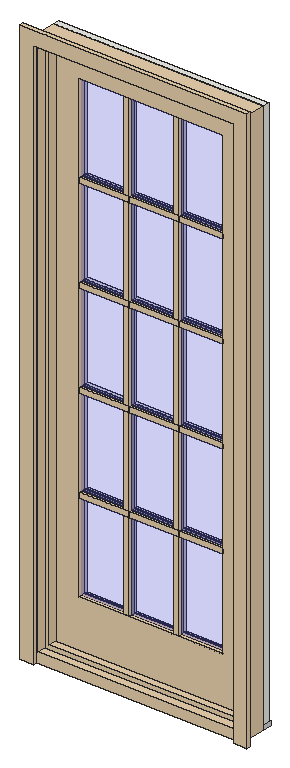
Revit family "Door-Gliding-Andersen-A_Series-Stationary 2", category Doors, host Wall, Revit 2013
Parameters
  Visual Light Transmittance = 0.34  # constant formula
  Type Comments = "Fiberglass-clad and Flexacron finished wood sidelight"  # constant formula
  Thermal Resistance (R) = 0.58703  # 3.3333 (h·ft²·°F)/BTU
  Solar Heat Gain Coefficient = 0.15  # constant formula
  Rough Width = Width + (Rough Opening Offset * 2)  # 3' - 0 3/4"
  Rough Height = if(1 > 0, Height + 0' 0 1/2", 0' 0")  # 8' - 0 1/2"
  Learn About These Parameters = "http://www.andersenwindows.com/for-professionals/cad-symbols-bim-support-window-doors/bim-support"
  Heat Transfer Coefficient (U) = 1.7035  # 0.3000 BTU/(h·ft²·°F)
  Grille Bar Sizes = "3/4'', 7/8'', 1 1/8'', 2 1/4''"  # constant formula
  Between Glass Grille Bar Sizes = "3/4'', 1''"  # constant formula
  Interior Trim Visibility = yes
  Grille Bar Size = 0' - 0 7/8"
  Enter Pattern Number = 1
  Analytic Construction = "<None>"
  ..Pattern Number 1 = "Colonial"  # constant formula
  . . Lights Wide = 3
  . . Lights High = 5
  ..Pattern Number 2 = "Modified Colonial"  # constant formula
  ..Pattern Number 3 = "Prairie"  # constant formula
  ..Pattern Number 4 = "Short Fractional"  # constant formula
  ..Pattern Number 5 = "Tall Fractional"  # constant formula
  Extension Jamb Visibility = yes
  Enter Exterior Trim Number = 0
  ..Exterior Trim Number 0 = "No Exterior Trim"  # constant formula
  ..Exterior Trim Number 1 = "Brick Mould"  # constant formula
  ..Exterior Trim Number 2 = "3 1/2'' Flat Casing"  # constant formula
  ..Exterior Trim Number 3 = "4 1/2'' Flat Casing"  # constant formula
  Interior Grille Bar Visibility = yes
  Exterior Grille Bar Visibility = yes
  Between Glass Grille Bar Visibility = yes
  xjamb Visibility [instance] = and(Extension Jamb Visibility, Wall Depth > 0' 4 9/16")  # no
  xjamb S1 [instance] = if(Wall Depth < 0' 4 5/8", 0' 0 1/16", 0' 0")  # 0' - 0 1/16"
  casingS2 = if(Enter Exterior Trim Number = 1, 0' 0 3/16", 0' 0 3/16")  # 0' - 0 3/16"
  casingS1 = if(Enter Exterior Trim Number = 1, 0' 0 7/16", 0' 0 3/16")  # 0' - 0 3/16"
  casing4 = if(Enter Exterior Trim Number = 1, 0' 1 3/4", if(Enter Exterior Trim Number = 2, 0' 3 1/4", 0' 4 1/4"))  # 0' - 4 1/4"
  casing3 = 0' - 0 1/2"  # constant formula
  casing2 = 0' - 0 7/8"  # constant formula
  casing1 = 0' - 0 1/4"  # constant formula
  Wall Thickness [instance] = 0' - 8"
  Wall Depth [instance] = 0' - 4 9/16"
  Void Offset 1 [instance] = if(Enter Exterior Trim Number > 0, casing4, 0' 0")  # 0' - 0"
  Void Depth [instance] = if(Wall Thickness > Wall Depth, 0' 1" + Wall Thickness - Wall Depth, 0' 1")  # 0' - 4 7/16"
  VGB DLO = if(Enter Pattern Number = 3, 0' 4", (H DLO - (Grille Bar Size * (V Bars))) / if(LWide > 2, LWide, 3))  # 0' - 7.66667"
  V Bars = if(Enter Pattern Number = 3, 2, if(LWide > 2, LWide - 1, 2))  # 2
  URL = "www.andersenwindows.com"
  TS V DLO = Height - HGO - SGO  # 6' - 7 7/8"
  TS V Bar Length = if(or(Enter Pattern Number = 5, Enter Pattern Number = 2), ((((Height - HGO - SGO - (Grille Bar Size * (Fractional Lights High - 1))) / Fractional Lights High)) * TFL) + (TFB * Grille Bar Size), if(Enter Pattern Number = 4, ((Height - HGO - SGO - (Grille Bar Size * (Fractional Lights High - 1))) / Fractional Lights High), Height - HGO - SGO))  # 6' - 7 7/8"
  TS SH DLO = if(or(Enter Pattern Number = 5, Enter Pattern Number = 2), ((((Height - HGO - SGO - (Grille Bar Size * (Fractional Lights High - 1))) / Fractional Lights High)) * TFL) + (TFB * Grille Bar Size) + HGO + (Grille Bar Size / 2), if(Enter Pattern Number = 4, TS V Bar Length + HGO + (Grille Bar Size / 2), (TS V DLO / 2) + HGO))  # 3' - 9 9/16"
  TS S V = or(and(LWide = 2, Enter Pattern Number = 1), and(Fractional Lights Wide = 2, or(or(Enter Pattern Number = 2, Enter Pattern Number = 4), Enter Pattern Number = 5)))  # no
  TS S H Craftsman = and(Enter Pattern Number = 2, or(Fractional Lights High = 4, Fractional Lights High = 5))  # no
  TS S H = or(or(or(and(. . Lights High = 2, Enter Pattern Number = 1), and(Enter Pattern Number = 4, Fractional Lights High > 1)), and(Enter Pattern Number = 5, Fractional Lights High > 1)), and(Enter Pattern Number = 2, Fractional Lights High > 1))  # no
  TS M V = or(or(or(or(or(and(LWide > 2, Enter Pattern Number = 1), and(LWide > 2, Enter Pattern Number = 2)), Enter Pattern Number = 3), Enter Pattern Number = 4), Enter Pattern Number = 5), and(LWide > 2, Enter Pattern Number = 6))  # yes
  TS M H = or(or(Enter Pattern Number = 3, and(. . Lights High > 2, Enter Pattern Number = 1)), and(Enter Pattern Number = 2, Fractional Lights High > 5))  # yes
  TS HGB DLO = if(Enter Pattern Number = 1, if(. . Lights High > 2, ((TS V Bar Length - (Grille Bar Size * (. . Lights High - 1))) / . . Lights High), 0' 4"), if(Enter Pattern Number = 3, 0' 4", if(Fractional Lights High > 2, ((TS V Bar Length - (Grille Bar Size * 2)) / 3), 0' 4")))  # 1' - 3.275"
  TS H Bars = if(Enter Pattern Number = 3, 2, if(Enter Pattern Number = 1, if(. . Lights High > 2, . . Lights High - 1, 2), 2))  # 4
  TFL = if(Fractional Lights High > 5, 3, if(or(Fractional Lights High = 4, Fractional Lights High = 5), 2, if(or(Fractional Lights High = 2, Fractional Lights High = 3), 1, 1)))  # 2
  TFB = TFL - 1  # 1
  Sill Interior Offset [instance] = 0' - 0"  # constant formula
  Sill Height [instance] = 0' - 1 11/16"  # constant formula
  Rough Opening Offset = 0' - 0 3/8"
  Panel Bottom Inset [instance] = 0' - 1 7/8"  # constant formula
  Sill Depth [instance] = 0' - 6 7/32"  # constant formula
  SGO = 0' - 10 1/2"  # constant formula
  Product Documentation Link = "http://www.andersenwindows.com/products/a-series-hinged-patio-door/"
  Panel Width = Width - 0' 1 3/16" - 0' 1 3/16"  # 2' - 9 5/8"
  Panel Height [instance] = CTRL Height - 0' 1 3/16" - Panel Bottom Inset  # 7' - 8 15/16"
  Nail Fin Visibility = Enter Exterior Trim Number = 0  # yes
  Model = "A-Series"  # constant formula
  Masonry Width = if(Enter Exterior Trim Number > 0, Width + ((casing4 + Masonry Opening Offset) * 2), Width + (Masonry Opening Offset * 2))  # 3' - 0 3/4"
  Masonry Opening Offset = 0' - 0 3/8"
  Masonry Height = if(Enter Exterior Trim Number > 0, Height + (casing4 + 0' 0 1/2"), Height + 0' 0 1/2")  # 8' - 0 1/2"
  Manufacturer = "Andersen Corporation"  # constant formula
  LWide = if(Enter Pattern Number = 3, 3, if(Enter Pattern Number = 1, . . Lights Wide, Fractional Lights Wide))  # 3
  JGO = 0' - 5 5/8"  # constant formula
  Is Outswing = 1 = 1  # yes
  Interior Unit Finish = Wood - Andersen - Pine
  Interior Trim Size = 0' - 2 1/4"
  HGO = 0' - 5 5/8"  # constant formula
  H DLO = Width - (JGO * 2)  # 2' - 0 3/4"
  Glazing Material = Glass ‐ Andersen - Low-E4 SmartSun
  Function = Exterior
  Height = 8' - 0"
  Wall Closure = By host
  Width = 3' - 0"
  Frame Interior Inset [instance] = 0' - 0"  # constant formula
  Frame Depth [instance] = 0' - 5 7/8"  # constant formula
  Fractional Lights Wide = 3
  Fractional Lights High = 5
  Family Version = "01.01.15"  # constant formula
  Exterior Unit Finish = Fiberglass - Andersen - White
  Exterior Trim Finish = Fibrex Composite - Andersen - White
  Designation = "FWSLD"
  Description = "Fiberglass-clad and Flexacron finished wood sidelight door"  # constant formula
  Coarse Plan [instance] = if(Wall Depth > Wall Thickness, Wall Thickness, Wall Depth)  # 0' - 4 9/16"
  Casing Visibility [instance] = Enter Exterior Trim Number > 0  # no
  CTRL Height [instance] = Height  # 8' - 0"
  Between Glass Grille Bar Finish = Stainless Steel - Andersen - Standard
  BS V DLO = Height - HGO - SGO  # 6' - 7 7/8"
  BS SH DLO = if(Enter Pattern Number = 5, SGO + 0' 4" + (Grille Bar Size / 2), (BS V DLO / 2) + SGO)  # 4' - 2 7/16"
  BS S V = and(LWide = 2, Enter Pattern Number = 1)  # no
  BS M V = or(or(and(LWide > 2, Enter Pattern Number = 1), Enter Pattern Number = 3), Enter Pattern Number = 5)  # yes
  Assembly Code = "B2030100"
Reference planes (in)
  plane 1 "Center (Front/Back)": y = 0
  plane 2 "Center (Left/Right)": x = 0
  plane 3 "R Frame": x = -18
  plane 4 "L Frame": x = 18
  plane 5 "T Frame": z = 96
  plane 6 "Wall S1": y = 4
  plane 7 "Wall S2": y = -4
  plane 8 "Interior Casing": y = -4.625
  plane 9 "Frame S2": y = -4
  plane 10 "Flange": y = 0.5625
  plane 11 "Casing S2": y = 2.0625
  plane 12 "Casing S1": y = 2.0625
  plane 13 "Exterior Offset": y = 5
  plane 14 "Coarse Detail Plan": y = 43
  plane 15 "R Rough Opening": x = -18.375
  plane 16 "R Casing 1": x = -17.75
  plane 17 "R Casing 2": x = -21.375
  plane 18 "R Casing 3": x = -21.75
  plane 19 "R Casing 4": x = -22.25
  plane 20 "R Masonry Opening": x = -18.375
  plane 21 "L Masonry Opening": x = 18.375
  plane 22 "L Casing 4": x = 22.25
  plane 23 "L Casing 3": x = 21.75
  plane 24 "L Casing 2": x = 21.375
  plane 25 "L Casing 1": x = 17.75
  plane 26 "L Rough Opening": x = 18.375
  plane 27 "T Rough Opening": z = 96.5
  plane 28 "T Casing 1": z = 95.75
  plane 29 "T Casing 2": z = 99.375
  plane 30 "T Casing 3": z = 99.75
  plane 31 "T Casing 4": z = 100.25
  plane 32 "T Masonry Opening": z = 96.5
  plane 33 "R Int Casing": x = -19.5
  plane 34 "R Xjamb 2": x = -17.875
  plane 35 "R Ext Frame": x = -17.434
  plane 36 "L Int Casing": x = 19.5
  plane 37 "L Xjamb 2": x = 17.875
  plane 38 "L Ext Frame": x = 17.434
  plane 39 "T Int Casing": z = 97.684
  plane 40 "T Xjamb 2": z = 95.875
  plane 41 "T Ext Frame": z = 95.434
  plane 42 "L Panel": x = 16.828
  plane 43 "R Panel": x = -16.828
  plane 44 "T Panel": z = 94.828
  plane 45 "B Panel": z = 1.8905
  plane 46 "B Glazing": z = 10.5
  plane 47 "T Glazing": z = 90.375
  plane 48 "L Glazing": x = 12.375
  plane 49 "R Glazing": x = -12.375
  plane 50 "Panel1 S1": y = 0.7285
  plane 51 "Panel1 S2": y = -0.9905
  plane 52 "Xjamb S1": y = -3.9375
  plane 53 "Frame S1": y = 1.875
  plane 54 "Stop Exterior": y = 45.987
  plane 55 "L Stop": x = 16.305
  plane 56 "R Stop": x = -16.305
  plane 57 "T Stop": z = 94.305
  plane 58 "Sill Height": z = 1.6875
  plane 59 "Glass1 S1": y = 0.31559
  plane 60 "Glass1 S3": y = -0.3255
  plane 61 "Glass1 S2": y = 0.19059
  plane 62 "Glass1 S4": y = -0.4505
  plane 63 "Vert Bar length": z = 10.5
  plane 64 "L Xjamb 1": x = 17.25
  plane 65 "R Xjamb S1": x = -17.25
  plane 66 "T Xjamb S1": z = 95.25
  plane 67 "R Int Frame": x = -16.984
  plane 68 "L Int Frame": x = 16.984
  plane 69 "Frame S1.1": y = 1.1415
  plane 70 "Int Stop": y = -2.4175
  plane 71 "T Int Frame": z = 94.984
  plane 72 "B Ext Frame": z = 0.748
  plane 73 "B Stop": z = 2.382
  plane 74 "Sill S1": y = 2.205
Forms (in)
  Extrusion 1, void
    sketch origin (0, 0, 0) x (1, 0, 0) y (0, 0, 1)
      loop
        line (18, 96) -> (-18, 96) -> (-18, 0) -> (18, 0) -> (18, 96)
    from -0.5625 to 4
  Extrusion 2, void
    sketch origin (0, 0, 0) x (1, 0, 0) y (0, 0, 1)
      loop
        line (18, 96) -> (-18, 96) -> (-18, 0) -> (18, 0) -> (18, 96)
    from -30 to -0.5625
  Sweep 3, solid, material "Fibrex Composite - Andersen - White" <- "Exterior Trim Finish", visible <- "Casing Visibility", detail levels medium+fine
    path origin (0, 0.5625, 0) x (-1, 0, 0) y (0, 0, 1)
      loop
        line (-22.25, 0) -> (-22.25, 100.25) -> (22.25, 100.25) -> (22.25, 0)
    profile origin (22.25, 0.5625, 50.125) x (1, 0, 0) y (0, 1, 0)
      loop
        line (-0.875, 1.5) -> (-4.5, 1.5) -> (-4.5, 0) -> (0, 0) -> (0, 1.5) -> (-0.5, 1.5) -> (-0.875, 1.5)
  Extrusion 4, solid, material "Fibrex Composite - Andersen - White" <- "Exterior Trim Finish", visible <- "Casing Visibility", detail levels coarse
    sketch origin (0, 0.5625, 0) x (-1, 0, 0) y (0, 0, 1)
      loop
        line (-17.75, 95.75) -> (17.75, 95.75) -> (17.75, 0) -> (22.25, 0) -> (22.25, 100.25) -> (-22.25, 100.25) -> (-22.25, 0) -> (-17.75, 0) -> (-17.75, 95.75)
    from 0 to 1.5
  Extrusion 5, solid, material "Wood - Andersen - Pine" <- "Interior Unit Finish", visible <- "Interior Trim Visibility", detail levels fine
    sketch origin (0, 0, 0) x (1, 0, 0) y (0, 0, 1)
      loop
        line (-17.25, 95.25) -> (17.25, 95.25) -> (17.25, 0) -> (19.5, 0) -> (19.5, 97.684) -> (-19.5, 97.684) -> (-19.5, 0) -> (-17.25, 0) -> (-17.25, 95.25)
    from 4 to 4.625
  Extrusion 6, solid, material "Wood - Andersen - Pine" <- "Interior Unit Finish", visible <- "xjamb Visibility", detail levels medium+fine
    sketch origin (0, 0, 0) x (1, 0, 0) y (0, 0, 1)
      loop
        line (-17.875, 0) -> (-17.25, 0) -> (-17.25, 95.25) -> (17.25, 95.25) -> (17.25, 0) -> (17.875, 0) -> (17.875, 95.875) -> (-17.875, 95.875) -> (-17.875, 0)
    from 3.9375 to 4
  Sweep 7, solid, material "Fiberglass - Andersen - White" <- "Exterior Unit Finish", detail levels medium+fine
    path in 3D
      loop
        line (18, 0.5625, 0) -> (18, 0.5625, 96) -> (-18, 0.5625, 96) -> (-18, 0.5625, 0)
    profile origin (18, 0.5625, 48) x (1, 0, 0) y (0, 1, 0)
      loop
        line (0, 1.3125) -> (-0.566, 1.3125) -> (-0.566, 0.579) -> (-1.695, 0.579) -> (-1.695, 0.166) -> (0, 0.166) -> (0, 1.3125)
  Sweep 8, solid, material "Wood - Andersen - Pine" <- "Interior Unit Finish", detail levels medium+fine
    path in 3D
      loop
        line (18, 0.5625, 0) -> (18, 0.5625, 96) -> (-18, 0.5625, 96) -> (-18, 0.5625, 0)
    profile origin (18, 0.5625, 48) x (1, 0, 0) y (0, 1, 0)
      loop
        line (-1.695, -1.553) -> (-1.695, -2.98) -> (-1.016, -2.98) -> (-1.016, -4.5625) -> (0, -4.5625) -> (0, 0.166) -> (-1.172, 0.166) -> (-1.172, -1.553) -> (-1.695, -1.553)
  Extrusion 9, solid, material "Fiberglass - Andersen - White" <- "Exterior Unit Finish"
    sketch origin (0, 0.5625, 0) x (-1, 0, 0) y (0, 0, 1)
      loop
        line (-16.828, 94.828) -> (-16.828, 1.8905) -> (16.828, 1.8905) -> (16.828, 94.828) -> (-16.828, 94.828)
      loop
        line (-12.375, 90.375) -> (-12.375, 10.5) -> (12.375, 10.5) -> (12.375, 90.375) -> (-12.375, 90.375)
    from -0.24691 to 0.166
  Extrusion 10, solid, material "Wood - Andersen - Pine" <- "Interior Unit Finish"
    sketch origin (0, 0.5625, 0) x (-1, 0, 0) y (0, 0, 1)
      loop
        line (-16.828, 94.828) -> (-16.828, 1.8905) -> (16.828, 1.8905) -> (16.828, 94.828) -> (-16.828, 94.828)
      loop
        line (-12.375, 90.375) -> (-12.375, 10.5) -> (12.375, 10.5) -> (12.375, 90.375) -> (-12.375, 90.375)
    from -1.553 to -0.24691
  Extrusion 11, solid, material "Glass ‐ Andersen - Low-E4 SmartSun" <- "Glazing Material"
    sketch origin (0, 0.5625, 0) x (-1, 0, 0) y (0, 0, 1)
      loop
        line (-12.375, 90.375) -> (-12.375, 10.5) -> (12.375, 10.5) -> (12.375, 90.375) -> (-12.375, 90.375)
    from -1.013 to -0.24691
  Extrusion 12, solid, material "Fiberglass - Andersen - White" <- "Exterior Unit Finish", detail levels medium+fine
    sketch origin (0, 0, 0) x (0, 1, 0) y (0, 0, 1)
      loop
        line (1.1415, 2.382) -> (0.7285, 2.382) -> (0.7285, 0.748) -> (1.1415, 0.748) -> (1.1415, 2.382)
    from -18 to 18
  Extrusion 13, solid, detail levels medium+fine
    sketch origin (0, 0, 0) x (0, 1, 0) y (0, 0, 1)
      loop
        line (2.205, 0.748) -> (0.7285, 0.748) -> (0.7285, 0) -> (2.205, 0) -> (2.205, 0.748)
    from -18 to 18
  Extrusion 14, solid, material "Wood - Andersen - Pine" <- "Interior Unit Finish", detail levels medium+fine
    sketch origin (0, 0, 0) x (0, 1, 0) y (0, 0, 1)
      loop
        line (0.7285, 1.8905) -> (-0.9905, 1.8905) -> (-0.9905, 2.382) -> (-2.4175, 2.382) -> (-2.4175, 1.6875) -> (-4, 1.6875) -> (-4, 0) -> (0.7285, 0) -> (0.7285, 1.8905)
    from -18 to 18
  Extrusion 15, solid, material "Fiberglass - Andersen - White" <- "Exterior Unit Finish", detail levels coarse
    sketch origin (0, 0.5625, 0) x (-1, 0, 0) y (0, 0, 1)
      loop
        line (-18, 96) -> (-18, 0) -> (-16.305, 0) -> (-16.305, 94.305) -> (16.305, 94.305) -> (16.305, 0) -> (18, 0) -> (18, 96) -> (-18, 96)
    from 0.166 to 1.3125
  Extrusion 16, solid, material "Wood - Andersen - Pine" <- "Interior Unit Finish", detail levels coarse
    sketch origin (0, 0.5625, 0) x (-1, 0, 0) y (0, 0, 1)
      loop
        line (18, 96) -> (-18, 96) -> (-18, 0) -> (18, 0) -> (18, 96)
      loop
        line (16.305, 94.305) -> (-16.305, 94.305) -> (-16.305, 2.382) -> (16.305, 2.382) -> (16.305, 94.305)
    from -4.5625 to -1.553
  Extrusion 17, solid, detail levels coarse
    sketch origin (0, 0.5625, 0) x (-1, 0, 0) y (0, 0, 1)
      loop
        line (-18, 1.8905) -> (-18, 0) -> (18, 0) -> (18, 1.8905) -> (-18, 1.8905)
    from 0.166 to 1.3125
Cuts and joins
  joined: Sweep 8, Extrusion 14
  joined: Sweep 7, Extrusion 12
Lines and regions (in)
  Masking region 1, visible <- "Casing Visibility"
    outline origin (0, 0, 0) x (0, 1, 0) y (0, 0, 1)
      loop
        line (0.5625, 96) -> (1.875, 96) -> (1.875, 0) -> (2.0625, 0) -> (2.0625, 100.25) -> (0.5625, 100.25) -> (0.5625, 96)
  Masking region 2
    outline origin (0, 0, 0) x (0, 1, 0) y (0, 0, 1)
      loop
        line (1.875, 96) -> (-4, 96) -> (-4, 0) -> (2.205, 0) -> (2.205, 0.748) -> (1.875, 0.748) -> (1.875, 96)
  Masking region 3, visible <- "Casing Visibility", detail levels fine
    outline origin (0, 0, 0) x (1, 0, 0) y (0, 1, 0)
      loop
        line (-21.75, 2.0625) -> (-22.25, 2.0625) -> (-22.25, 0.5625) -> (-18, 0.5625) -> (-18, 1.875) -> (-17.75, 1.875) -> (-17.75, 2.0625) -> (-21.375, 2.0625) -> (-21.75, 2.0625)
  Masking region 4, visible <- "Casing Visibility", detail levels fine
    outline origin (0, 0, 0) x (1, 0, 0) y (0, 1, 0)
      loop
        line (21.75, 2.0625) -> (21.375, 2.0625) -> (17.75, 2.0625) -> (17.75, 1.875) -> (18, 1.875) -> (18, 0.5625) -> (22.25, 0.5625) -> (22.25, 2.0625) -> (21.75, 2.0625)
  Masking region 5, visible <- "Casing Visibility", detail levels coarse+medium
    outline origin (0, 0, 0) x (1, 0, 0) y (0, 1, 0)
      loop
        line (-22.25, 2.0625) -> (-22.25, 0.5625) -> (-18, 0.5625) -> (-18, 2.0625) -> (-22.25, 2.0625)
  Masking region 6, visible <- "Casing Visibility", detail levels coarse+medium
    outline origin (0, 0, 0) x (1, 0, 0) y (0, 1, 0)
      loop
        line (18, 2.0625) -> (18, 0.5625) -> (22.25, 0.5625) -> (22.25, 2.0625) -> (18, 2.0625)
  Masking region 7, visible <- "Casing Visibility"
    outline origin (0, 2.625, 0) x (-1, 0, 0) y (0, 0, 1)
      loop
        line (-22.25, 100.25) -> (-22.25, 0) -> (-18, 0) -> (-18, 96) -> (18, 96) -> (18, 0) -> (22.25, 0) -> (22.25, 100.25) -> (-22.25, 100.25)
  Masking region 8, visible <- "Interior Trim Visibility", detail levels fine
    outline origin (0, -4.625, 0) x (-1, 0, 0) y (0, 0, 1)
      loop
        line (-19.5, 97.684) -> (-19.5, 0) -> (-17.25, 0) -> (-17.25, 95.25) -> (17.25, 95.25) -> (17.25, 0) -> (19.5, 0) -> (19.5, 97.684) -> (-19.5, 97.684)
  Masking region 9
    outline origin (0, 1.1415, 0) x (-1, 0, 0) y (0, 0, 1)
      loop
        line (-18, 96) -> (-18, 0) -> (18, 0) -> (18, 96) -> (-18, 96)
      loop
        line (-16.305, 94.305) -> (-16.305, 2.382) -> (16.305, 2.382) -> (16.305, 94.305) -> (-16.305, 94.305)
  Masking region 10, not visible
    outline origin (0, 0.5625, 0) x (-1, 0, 0) y (0, 0, 1)
      loop
        line (-16.828, 94.828) -> (-16.828, 1.8905) -> (16.828, 1.8905) -> (16.828, 94.828) -> (-16.828, 94.828)
  Masking region 11, visible <- "Interior Trim Visibility", detail levels fine
    outline origin (0, 0, 0) x (1, 0, 0) y (0, 1, 0)
      loop
        line (-19.5, -4) -> (-19.5, -4.625) -> (-17.25, -4.625) -> (-17.25, -4) -> (-19.5, -4)
  Masking region 12, visible <- "xjamb Visibility", detail levels medium+fine
    outline origin (0, 0, 0) x (1, 0, 0) y (0, 1, 0)
      loop
        line (-17.875, -3.9375) -> (-17.875, -4) -> (-17.25, -4) -> (-17.25, -3.9375) -> (-17.875, -3.9375)
  Masking region 13, visible <- "Interior Trim Visibility", detail levels fine
    outline origin (0, 0, 0) x (1, 0, 0) y (0, 1, 0)
      loop
        line (17.25, -4) -> (17.25, -4.625) -> (19.5, -4.625) -> (19.5, -4) -> (17.25, -4)
  Masking region 14, visible <- "xjamb Visibility", detail levels medium+fine
    outline origin (0, 0, 0) x (1, 0, 0) y (0, 1, 0)
      loop
        line (17.25, -3.9375) -> (17.25, -4) -> (17.875, -4) -> (17.875, -3.9375) -> (17.25, -3.9375)
  Masking region 15, visible <- "xjamb Visibility", detail levels medium+fine
    outline origin (0, 0, 0) x (0, 1, 0) y (0, 0, 1)
      loop
        line (-3.9375, 95.875) -> (-4, 95.875) -> (-4, 0) -> (-3.9375, 0) -> (-3.9375, 95.875)
  Masking region 16, visible <- "Interior Trim Visibility", detail levels fine
    outline origin (0, 0, 0) x (0, 1, 0) y (0, 0, 1)
      loop
        line (-4, 97.684) -> (-4.625, 97.684) -> (-4.625, 0) -> (-4, 0) -> (-4, 97.684)
  Masking region 17
    outline origin (0, 0, 0) x (1, 0, 0) y (0, 1, 0)
      loop
        line (-18, 1.875) -> (-18, -4) -> (18, -4) -> (18, 1.875) -> (-18, 1.875)
  symbolic lines, style "DoorsFrameMullionProjection", visible <- "Casing Visibility", detail levels medium+fine
    curve 1: line (0, 2.0625, 99.75) -> (0, 2.0625, 99.375)
    curve 2: line (0, 2.0625, 99.375) -> (0, 2.0625, 95.75)
    curve 3: line (0, 2.0625, 95.75) -> (0, 1.875, 95.75)
  symbolic lines, style "DoorsFrameMullionProjection", detail levels coarse
    curve 4: line (0, 1.875, 96) -> (0, 2.0625, 96)
    curve 162: line (-16.828, 1.875, 0) -> (-16.828, -4, 0)
    curve 163: line (16.828, 1.875, 0) -> (16.828, -4, 0)
  symbolic lines, style "DoorsFrameMullionProjection", visible <- "Nail Fin Visibility", detail levels medium+fine
    curve 5: line (19.625, 0.5625, 0) -> (18, 0.5625, 0)
    curve 6: line (0, 0.5625, 96.34025) -> (0, 0.5625, 96)
  symbolic lines, style "DoorsGlassProjection", not visible, detail levels fine
    curve 7: line (0, -19.76311, 14.17303) -> (0, -19.24701, 14.17303)
    curve 8: line (0, -19.76311, 13.54803) -> (0, -19.76311, 14.29803)
    curve 9: line (0, -19.24701, 13.54803) -> (0, -19.24701, 14.29803)
    curve 13: line (0, -8.19028, 66.94059) -> (0, -7.67418, 66.94059)
    curve 14: line (0, -8.19028, 67.56559) -> (0, -8.19028, 66.80059)
    curve 15: line (0, -7.67418, 67.56559) -> (0, -7.67418, 66.80059)
    curve 20: line (23.06262, 9.30886, 0) -> (22.29712, 9.30886, 0)
    curve 21: line (22.29712, 9.82495, 0) -> (23.06262, 9.82495, 0)
    curve 22: line (22.42212, 9.82495, 0) -> (22.42212, 9.30886, 0)
  symbolic lines, style "DoorsGlassProjection", detail levels fine
    curve 10: line (0, -0.3255, 10.375) -> (0, 0.19059, 10.375)
    curve 11: line (0, -0.3255, 9.75) -> (0, -0.3255, 10.5)
    curve 12: line (0, 0.19059, 9.75) -> (0, 0.19059, 10.5)
    curve 16: line (0, -0.3255, 10.5) -> (0, -0.3255, 90.375)
    curve 17: line (0, 0.19059, 10.5) -> (0, 0.19059, 90.375)
    curve 23: line (-13.1405, -0.3255, 0) -> (-12.375, -0.3255, 0)
    curve 24: line (-12.375, 0.19059, 0) -> (-13.1405, 0.19059, 0)
    curve 25: line (-12.5, 0.19059, 0) -> (-12.5, -0.3255, 0)
    curve 26: line (12.375, 0.19059, 0) -> (-12.375, 0.19059, 0)
    curve 27: line (12.375, -0.3255, 0) -> (-12.375, -0.3255, 0)
    curve 36: line (0, -0.3255, 90.5) -> (0, 0.19059, 90.5)
    curve 37: line (0, -0.3255, 91.125) -> (0, -0.3255, 90.36)
    curve 38: line (0, 0.19059, 91.125) -> (0, 0.19059, 90.36)
    curve 137: line (13.1405, -0.3255, 0) -> (12.375, -0.3255, 0)
    curve 138: line (12.375, 0.19059, 0) -> (13.1405, 0.19059, 0)
    curve 139: line (12.5, 0.19059, 0) -> (12.5, -0.3255, 0)
  symbolic lines, style "DoorsGlassProjection"
    curve 18: line (0, -0.4505, 10.5) -> (0, -0.4505, 90.375)
    curve 19: line (0, 0.31559, 10.5) -> (0, 0.31559, 90.375)
  symbolic lines, style "DoorsGlassProjection", detail levels medium+fine
    curve 28: line (12.375, 0.31559, 0) -> (-12.375, 0.31559, 0)
    curve 29: line (12.375, -0.4505, 0) -> (-12.375, -0.4505, 0)
  symbolic lines, style "DoorsPanelProjection"
    curve 30: line (12.375, 0.7285, 90.375) -> (-12.375, 0.7285, 90.375)
    curve 31: line (12.375, 0.7285, 10.5) -> (12.375, 0.7285, 90.375)
    curve 32: line (-12.375, 0.7285, 10.5) -> (12.375, 0.7285, 10.5)
    curve 33: line (-12.375, 0.7285, 90.375) -> (-12.375, 0.7285, 10.5)
  symbolic lines, style "DoorsFrameMullionProjection", visible <- "xjamb Visibility", detail levels medium+fine
    curve 34: line (0, -3.9375, 95.25) -> (0, -4, 95.25)
  symbolic lines, style "DoorsFrameMullionProjection", visible <- "Interior Trim Visibility", detail levels fine
    curve 35: line (0, -4, 95.25) -> (0, -4.625, 95.25)
  symbolic lines, style "DoorsFrameMullionProjection"
    curve 39: line (0, 0.5625, 97.625) -> (0, 0.5625, 96)
    curve 40: line (0, -4.0005, 94.984) -> (0, -2.4175, 94.984)
    curve 41: line (0, -2.4175, 94.984) -> (0, -2.4175, 94.666)
    curve 42: line (0, -2.4175, 94.666) -> (0, -1.88292, 94.305)
    curve 43: line (0, -1.88292, 94.305) -> (0, -0.9905, 94.305)
    curve 44: line (0, 1.1415, 95.434) -> (0, 1.8745, 95.434)
    curve 45: line (0, 1.1415, 94.28184) -> (0, 1.1415, 95.434)
    curve 46: line (0, 0.8225, 94.172) -> (0, 1.1415, 94.28184)
    curve 47: line (0, 0.7285, 94.172) -> (0, 0.8225, 94.172)
    curve 48: line (0, 0.40434, 90.375) -> (0, 0.7285, 90.48508)
    curve 49: line (0, 0.31559, 90.375) -> (0, 0.40434, 90.375)
    curve 50: line (0, 0.31559, 91.125) -> (0, 0.31559, 90.375)
    curve 51: line (0, -0.9905, 91.125) -> (0, 0.31559, 91.125)
    curve 52: line (0, -0.5305, 90.375) -> (0, -0.4505, 90.375)
    curve 53: line (0, -0.9905, 90.766) -> (0, -0.5305, 90.375)
    curve 54: line (0, -0.4505, 90.375) -> (0, -0.4505, 91.125)
    curve 71: line (0, 0.823, 2.515) -> (0, 1.142, 2.40516)
    curve 72: line (0, 1.142, 2.40516) -> (0, 1.142, 0.80371)
    curve 73: line (0, 1.142, 0.80371) -> (0, 2.205, 0.748)
    curve 74: line (0, 2.205, 0.748) -> (0, 2.205, 0)
    curve 75: line (0, 2.205, 0) -> (0, -4, 0)
    curve 76: line (0, -4, 0) -> (0, -4, 1.6875)
    curve 77: line (0, -4, 1.6875) -> (0, -2.417, 1.6875)
    curve 78: line (0, -2.417, 1.6875) -> (0, -2.417, 2.021)
    curve 79: line (0, -2.417, 2.021) -> (0, -1.88242, 2.382)
    curve 80: line (0, -1.88242, 2.382) -> (0, -0.99, 2.382)
    curve 81: line (0, 0.40484, 10.5) -> (0, 0.729, 10.38992)
    curve 82: line (0, 0.31609, 10.5) -> (0, 0.40484, 10.5)
    curve 83: line (0, 0.31609, 9.75) -> (0, 0.31609, 10.5)
    curve 84: line (0, -0.9905, 9.75) -> (0, 0.31609, 9.75)
    curve 85: line (0, -0.45, 9.75) -> (0, -0.45, 10.5)
    curve 86: line (0, -0.45, 10.5) -> (0, -0.53, 10.5)
    curve 87: line (0, -0.53, 10.5) -> (0, -0.9905, 10.10858)
    curve 160: line (-16.828, 0.7285, 0) -> (16.828, 0.7285, 0)
    curve 161: line (-16.828, -0.9905, 0) -> (16.828, -0.9905, 0)
    curve 164: line (0, 0.7285, 94.828) -> (0, 0.7285, 1.8905)
    curve 165: line (0, -0.9905, 94.828) -> (0, -0.9905, 1.8905)
    curve 173: line (0, -0.9905, 94.828) -> (0, 0.7285, 94.828)
    curve 175: line (0, -0.9905, 1.8905) -> (0, 0.7285, 1.8905)
    curve 177: line (0, 0.7285, 2.515) -> (0, 0.823, 2.515)
  symbolic lines, style "DoorsFrameMullionProjection", not visible
    curve 55: line (0, -7.30228, 74.06559) -> (0, -7.30228, 72.44059)
    curve 56: line (0, -11.86528, 71.42459) -> (0, -10.28228, 71.42459)
    curve 57: line (0, -10.28228, 71.42459) -> (0, -10.28228, 71.10659)
    curve 58: line (0, -10.28228, 71.10659) -> (0, -9.74769, 70.74559)
    curve 59: line (0, -9.74769, 70.74559) -> (0, -8.85528, 70.74559)
    curve 60: line (0, -6.72328, 71.87459) -> (0, -5.99028, 71.87459)
    curve 61: line (0, -6.72328, 70.72244) -> (0, -6.72328, 71.87459)
    curve 62: line (0, -7.04228, 70.61259) -> (0, -6.72328, 70.72244)
    curve 63: line (0, -7.13628, 70.61259) -> (0, -7.04228, 70.61259)
    curve 64: line (0, -7.46044, 66.81559) -> (0, -7.13628, 66.92568)
    curve 65: line (0, -7.54918, 66.81559) -> (0, -7.46044, 66.81559)
    curve 66: line (0, -7.54918, 67.56559) -> (0, -7.54918, 66.81559)
    curve 67: line (0, -8.85528, 67.56559) -> (0, -7.54918, 67.56559)
    curve 68: line (0, -8.39528, 66.81559) -> (0, -8.31528, 66.81559)
    curve 69: line (0, -8.85528, 67.20659) -> (0, -8.39528, 66.81559)
    curve 70: line (0, -8.31528, 66.81559) -> (0, -8.31528, 67.56559)
    curve 88: line (0, -18.61461, 6.31303) -> (0, -18.29561, 6.20319)
    curve 89: line (0, -18.29561, 6.20319) -> (0, -18.29561, 4.60174)
    curve 90: line (0, -18.29561, 4.60174) -> (0, -17.23261, 4.54603)
    curve 91: line (0, -17.23261, 4.54603) -> (0, -17.23261, 3.79803)
    curve 92: line (0, -17.23261, 3.79803) -> (0, -23.43761, 3.79803)
    curve 93: line (0, -23.43761, 3.79803) -> (0, -23.43761, 5.48553)
    curve 94: line (0, -23.43761, 5.48553) -> (0, -21.85461, 5.48553)
    curve 95: line (0, -21.85461, 5.48553) -> (0, -21.85461, 5.81903)
    curve 96: line (0, -21.85461, 5.81903) -> (0, -21.32003, 6.18003)
    curve 97: line (0, -21.32003, 6.18003) -> (0, -20.42761, 6.18003)
    curve 98: line (0, -19.03277, 14.29803) -> (0, -18.70861, 14.18794)
    curve 99: line (0, -19.12151, 14.29803) -> (0, -19.03277, 14.29803)
    curve 100: line (0, -19.12151, 13.54803) -> (0, -19.12151, 14.29803)
    curve 101: line (0, -20.42811, 13.54803) -> (0, -19.12151, 13.54803)
    curve 102: line (0, -19.88761, 13.54803) -> (0, -19.88761, 14.29803)
    curve 103: line (0, -19.88761, 14.29803) -> (0, -19.96761, 14.29803)
    curve 104: line (0, -19.96761, 14.29803) -> (0, -20.42811, 13.9066)
    curve 174: line (0, -8.85528, 71.26859) -> (0, -7.13628, 71.26859)
    curve 176: line (0, -20.42811, 5.68853) -> (0, -18.70911, 5.68853)
    curve 178: line (0, -18.70911, 6.31303) -> (0, -18.61461, 6.31303)
  symbolic lines, style "DoorsFrameMullionProjection", detail levels medium+fine
    curve 105: line (-19.55, 0.5625, 0) -> (-18, 0.5625, 0)
    curve 106: line (-17.434, 1.1415, 0) -> (-17.434, 1.8745, 0)
    curve 107: line (-16.28184, 1.1415, 0) -> (-17.434, 1.1415, 0)
    curve 110: line (-16.305, -1.88292, 0) -> (-16.305, -0.9905, 0)
    curve 111: line (-16.666, -2.4175, 0) -> (-16.305, -1.88292, 0)
    curve 112: line (-16.984, -2.4175, 0) -> (-16.666, -2.4175, 0)
    curve 113: line (-16.984, -4.0005, 0) -> (-16.984, -2.4175, 0)
    curve 140: line (19.55, 0.5625, 0) -> (18, 0.5625, 0)
    curve 141: line (17.434, 1.1415, 0) -> (17.434, 1.8745, 0)
    curve 142: line (16.28184, 1.1415, 0) -> (17.434, 1.1415, 0)
    curve 145: line (16.305, -1.88292, 0) -> (16.305, -0.9905, 0)
    curve 146: line (16.666, -2.4175, 0) -> (16.305, -1.88292, 0)
    curve 147: line (16.984, -2.4175, 0) -> (16.666, -2.4175, 0)
    curve 148: line (16.984, -4.0005, 0) -> (16.984, -2.4175, 0)
    curve 170: line (-16.828, -0.9905, 0) -> (-16.828, 0.7285, 0)
    curve 172: line (16.828, -0.9905, 0) -> (16.828, 0.7285, 0)
  symbolic lines, style "DoorsFrameMullionProjection", detail levels fine
    curve 108: line (-16.172, 0.8225, 0) -> (-16.28184, 1.1415, 0)
    curve 109: line (-16.172, 0.7285, 0) -> (-16.172, 0.8225, 0)
    curve 114: line (-12.375, 0.3587, 0) -> (-12.50058, 0.7285, 0)
    curve 115: line (-12.375, 0.31559, 0) -> (-12.375, 0.3587, 0)
    curve 116: line (-13.1405, 0.31559, 0) -> (-12.375, 0.31559, 0)
    curve 117: line (-13.1405, -0.9905, 0) -> (-13.1405, 0.31559, 0)
    curve 118: line (-13.1405, -0.4505, 0) -> (-12.375, -0.4505, 0)
    curve 119: line (-12.375, -0.51226, 0) -> (-12.7815, -0.9905, 0)
    curve 120: line (-12.375, -0.4505, 0) -> (-12.375, -0.51226, 0)
    curve 143: line (16.172, 0.8225, 0) -> (16.28184, 1.1415, 0)
    curve 144: line (16.172, 0.7285, 0) -> (16.172, 0.8225, 0)
    curve 149: line (12.375, 0.3587, 0) -> (12.50058, 0.7285, 0)
    curve 150: line (12.375, 0.31559, 0) -> (12.375, 0.3587, 0)
    curve 151: line (13.1405, 0.31559, 0) -> (12.375, 0.31559, 0)
    curve 152: line (13.1405, -0.9905, 0) -> (13.1405, 0.31559, 0)
    curve 153: line (13.1405, -0.4505, 0) -> (12.375, -0.4505, 0)
    curve 154: line (12.375, -0.51226, 0) -> (12.7815, -0.9905, 0)
    curve 155: line (12.375, -0.4505, 0) -> (12.375, -0.51226, 0)
  symbolic lines, style "DoorsFrameMullionProjection", not visible, detail levels medium+fine
    curve 121: line (29.47212, 10.19686, 0) -> (27.92212, 10.19686, 0)
    curve 122: line (27.35612, 10.77586, 0) -> (27.35612, 11.50886, 0)
    curve 123: line (26.20396, 10.77586, 0) -> (27.35612, 10.77586, 0)
    curve 126: line (26.22712, 7.75144, 0) -> (26.22712, 8.64386, 0)
    curve 127: line (26.58812, 7.21686, 0) -> (26.22712, 7.75144, 0)
    curve 128: line (26.90612, 7.21686, 0) -> (26.58812, 7.21686, 0)
    curve 129: line (26.90612, 5.63386, 0) -> (26.90612, 7.21686, 0)
    curve 171: line (26.75012, 8.64386, 0) -> (26.75012, 10.36286, 0)
  symbolic lines, style "DoorsFrameMullionProjection", not visible, detail levels fine
    curve 124: line (26.09412, 10.45686, 0) -> (26.20396, 10.77586, 0)
    curve 125: line (26.09412, 10.36286, 0) -> (26.09412, 10.45686, 0)
    curve 130: line (22.29712, 9.99306, 0) -> (22.4227, 10.36286, 0)
    curve 131: line (22.29712, 9.94995, 0) -> (22.29712, 9.99306, 0)
    curve 132: line (23.06262, 9.94995, 0) -> (22.29712, 9.94995, 0)
    curve 133: line (23.06262, 8.64386, 0) -> (23.06262, 9.94995, 0)
    curve 134: line (23.06262, 9.18386, 0) -> (22.29712, 9.18386, 0)
    curve 135: line (22.29712, 9.12209, 0) -> (22.70362, 8.64386, 0)
    curve 136: line (22.29712, 9.18386, 0) -> (22.29712, 9.12209, 0)
  symbolic lines, style "DoorsFrameMullionProjection", detail levels medium
    curve 156: line (-12.375, 0.7285, 0) -> (-12.375, -0.9905, 0)
    curve 157: line (12.375, 0.7285, 0) -> (12.375, -0.9905, 0)
    curve 166: line (16.828, 0.7285, 0) -> (16.828, -0.9905, 0)
    curve 167: line (-16.28184, 0.7285, 0) -> (-16.28184, 1.1415, 0)
    curve 169: line (16.28184, 0.7285, 0) -> (16.28184, 1.1415, 0)
  model lines, style "InvisibleLines"
    curve 158: line (18, 0.5625, 0) -> (18, 0.5625, 96)
  model lines, style "InvisibleLines", detail levels fine
    curve 159: line (18, 0.5625, 96) -> (-18, 0.5625, 96)
  symbolic lines, style "DoorsFrameMullionProjection", not visible, detail levels medium
    curve 168: line (26.20396, 10.36286, 0) -> (26.20396, 10.77586, 0)
  model lines, style "InvisibleLines", detail levels coarse
    curve 179: line (18, 0.5625, 0) -> (18, 0.5625, 96)
    curve 180: line (18, 0.5625, 96) -> (-18, 0.5625, 96)
    curve 181: line (-18, 0.5625, 96) -> (-18, 0.5625, 0)
  sketch lines
    curve 182: line (18, 0.5625, 0) -> (18, 0.5625, 96)
    curve 183: line (18, 0.5625, 96) -> (-18, 0.5625, 96)
    curve 184: line (-18, 0.5625, 96) -> (-18, 0.5625, 0)
    curve 185: line (18, 0.5625, 0) -> (18, 0.5625, 96)
    curve 186: line (18, 0.5625, 96) -> (-18, 0.5625, 96)
    curve 187: line (-18, 0.5625, 96) -> (-18, 0.5625, 0)
Text (in)
  text "Exterior" at (-74.96733, 27.31104, 0), in view "Ref. Level"
  text "Interior" at (-74.96733, -25.14366, 0), in view "Ref. Level"
  text "Exterior" at (0, 40.15149, 123.01588), in view "Right"
  text "Interior" at (0, -64.39139, 123.01588), in view "Right"
  text "Interior" at (0, -31.01599, 123.00693), in view "Left"
  text "Exterior" at (0, 54.57065, 123.00693), in view "Left"
Dimensions and locks (in)
  equal spacing: plane 3 "R Frame", plane 2 "Center (Left/Right)", plane 4 "L Frame"
  "CTRL Height": level to plane 5 "T Frame"
  "Width": plane 3 "R Frame" to plane 4 "L Frame"
  host wall to plane 5 "T Frame" = 8' - 0"
  locked: plane 8 "Interior Casing" to host wall at 0.625
  locked: plane 13 "Exterior Offset" to host wall at 1
  "Void Offset 1": plane 4 "L Frame" to Extrusion 2 sketch curve
  "Void Offset 1": plane 5 "T Frame" to Extrusion 2 sketch curve
  "Void Offset 1": Extrusion 2 sketch curve to plane 3 "R Frame"
  "casing1": plane 25 "L Casing 1" to plane 4 "L Frame"
  "Rough Opening Offset": plane 4 "L Frame" to plane 26 "L Rough Opening"
  "casing4": plane 4 "L Frame" to plane 22 "L Casing 4"
  "casing2": plane 24 "L Casing 2" to plane 22 "L Casing 4"
  "casing3": plane 23 "L Casing 3" to plane 22 "L Casing 4"
  "casing1": plane 3 "R Frame" to plane 16 "R Casing 1"
  "Rough Opening Offset": plane 15 "R Rough Opening" to plane 3 "R Frame"
  "casing4": plane 19 "R Casing 4" to plane 3 "R Frame"
  "casing2": plane 19 "R Casing 4" to plane 17 "R Casing 2"
  "casing3": plane 19 "R Casing 4" to plane 18 "R Casing 3"
  "casing1": plane 28 "T Casing 1" to plane 5 "T Frame"
  "casing4": plane 5 "T Frame" to plane 31 "T Casing 4"
  "casing2": plane 29 "T Casing 2" to plane 31 "T Casing 4"
  "casing3": plane 30 "T Casing 3" to plane 31 "T Casing 4"
  "Interior Trim Size": plane 41 "T Ext Frame" to plane 39 "T Int Casing"
  "xjamb S1": plane 52 "Xjamb S1" to plane 9 "Frame S2"
  "Void Depth": plane 13 "Exterior Offset" to Extrusion 2
  "Wall Thickness": host wall to host wall
  "Wall Depth": host wall to plane 10 "Flange"
  "Frame Depth": plane 53 "Frame S1" to plane 9 "Frame S2"
  "Panel Height": plane 45 "B Panel" to plane 44 "T Panel"
  "Sill Height": level to plane 58 "Sill Height"
  "HGO": plane 47 "T Glazing" to plane 5 "T Frame"
  "SGO": plane 46 "B Glazing" to level
  equal spacing: plane 63 "Vert Bar length", nested 3, plane 47 "T Glazing"
  "TS V Bar Length": plane 63 "Vert Bar length" to plane 47 "T Glazing"
  "JGO": plane 3 "R Frame" to plane 49 "R Glazing"
  "JGO": plane 48 "L Glazing" to plane 4 "L Frame"
  "TS SH DLO": nested 4 to plane 5 "T Frame"
  "casingS1": plane 12 "Casing S1" to plane 53 "Frame S1"
  "casingS2": plane 11 "Casing S2" to plane 53 "Frame S1"
  "Interior Trim Size": plane 64 "L Xjamb 1" to plane 36 "L Int Casing"
  "Interior Trim Size": plane 33 "R Int Casing" to plane 65 "R Xjamb S1"
  locked: plane 53 "Frame S1" to plane 10 "Flange" at 1.3125
  plane 45 "B Panel" to plane 44 "T Panel" = 7' - 8 15/16"
  equal spacing: plane 20 "R Masonry Opening", plane 2 "Center (Left/Right)", plane 21 "L Masonry Opening"
  "Masonry Width": plane 20 "R Masonry Opening" to plane 21 "L Masonry Opening"
  "Masonry Height": level to plane 32 "T Masonry Opening"
  locked: plane 50 "Panel1 S1" to plane 10 "Flange" at 0.166
  locked: plane 10 "Flange" to plane 59 "Glass1 S1" at 0.24691
  locked: plane 10 "Flange" to plane 61 "Glass1 S2" at 0.37191
  locked: plane 10 "Flange" to plane 62 "Glass1 S4" at 1.013
  locked: plane 10 "Flange" to plane 60 "Glass1 S3" at 0.888
  locked: plane 50 "Panel1 S1" to plane 51 "Panel1 S2" at 1.719
  locked: plane 3 "R Frame" to plane 34 "R Xjamb 2" at 0.125
  locked: plane 3 "R Frame" to plane 35 "R Ext Frame" at 0.566
  locked: plane 3 "R Frame" to plane 65 "R Xjamb S1" at 0.75
  locked: plane 3 "R Frame" to plane 67 "R Int Frame" at 1.016
  locked: plane 3 "R Frame" to plane 43 "R Panel" at 1.172
  locked: plane 3 "R Frame" to plane 56 "R Stop" at 1.695
  locked: plane 37 "L Xjamb 2" to plane 4 "L Frame" at 0.125
  locked: plane 38 "L Ext Frame" to plane 4 "L Frame" at 0.566
  locked: plane 64 "L Xjamb 1" to plane 4 "L Frame" at 0.75
  locked: plane 68 "L Int Frame" to plane 4 "L Frame" at 1.016
  locked: plane 42 "L Panel" to plane 4 "L Frame" at 1.172
  locked: plane 55 "L Stop" to plane 4 "L Frame" at 1.695
  locked: plane 69 "Frame S1.1" to plane 10 "Flange" at 0.579
  locked: plane 10 "Flange" to plane 70 "Int Stop" at 2.98
  locked: plane 40 "T Xjamb 2" to plane 5 "T Frame" at 0.125
  locked: plane 41 "T Ext Frame" to plane 5 "T Frame" at 0.566
  locked: plane 66 "T Xjamb S1" to plane 5 "T Frame" at 0.75
  locked: plane 71 "T Int Frame" to plane 5 "T Frame" at 1.016
  locked: plane 44 "T Panel" to plane 5 "T Frame" at 1.172
  locked: plane 57 "T Stop" to plane 5 "T Frame" at 1.695
  locked: plane 72 "B Ext Frame" to level at 0.748
  locked: plane 73 "B Stop" to level at 2.382
  locked: plane 74 "Sill S1" to plane 10 "Flange" at 1.6425
  locked: plane 5 "T Frame" to plane 27 "T Rough Opening" at 0.5
  "VGB DLO": nested 2 to plane 48 "L Glazing"
  equal spacing: group 8, group 12, group 13, group 9  (x2)
  equal spacing: group 9, group 13, group 12, group 8
  "TS HGB DLO": nested 5 to plane 47 "T Glazing"
  "TS HGB DLO": plane 63 "Vert Bar length" to nested 6
  group 11 to group 10 = 0' - 8.54167"
  group 10 to group 11 = 0' - 0"  (x2)
  "VGB DLO": nested 7 to plane 49 "R Glazing"
  aligned and locked: plane 6 "Wall S1" to host wall
  aligned and locked: plane 7 "Wall S2" to host wall
  aligned and locked: plane 5 "T Frame" to Extrusion 1 sketch curve
  aligned and locked: plane 4 "L Frame" to Extrusion 1 sketch curve
  aligned and locked: Extrusion 1 sketch curve to plane 3 "R Frame"
  aligned and locked: level to Extrusion 1 sketch curve
  aligned and locked: host wall to Extrusion 1
  aligned and locked: plane 10 "Flange" to Extrusion 1
  aligned and locked: level to Extrusion 2 sketch curve
  aligned and locked: level to Sweep 3 sketch curve  (x2)
  aligned and locked: plane 22 "L Casing 4" to Sweep 3 sketch curve  (x2)
  aligned and locked: plane 31 "T Casing 4" to Sweep 3 sketch curve
  aligned and locked: Sweep 3 sketch curve to plane 19 "R Casing 4"
  aligned and locked: plane 23 "L Casing 3" to Sweep 3 sketch curve
  aligned and locked: plane 11 "Casing S2" to Sweep 3 sketch curve
  aligned and locked: plane 24 "L Casing 2" to Sweep 3 sketch curve
  aligned and locked: Sweep 3 sketch curve to plane 12 "Casing S1"
  aligned and locked: plane 10 "Flange" to Sweep 3 sketch curve
  aligned and locked: Sweep 3 sketch curve to plane 25 "L Casing 1"
  aligned and locked: Sweep 3 sketch curve to plane 11 "Casing S2"
  aligned and locked: level to Extrusion 4 sketch curve  (x2)
  aligned and locked: plane 22 "L Casing 4" to Extrusion 4 sketch curve
  aligned and locked: Extrusion 4 sketch curve to plane 25 "L Casing 1"
  aligned and locked: plane 31 "T Casing 4" to Extrusion 4 sketch curve
  aligned and locked: Extrusion 4 sketch curve to plane 28 "T Casing 1"
  aligned and locked: Extrusion 4 sketch curve to plane 19 "R Casing 4"
  aligned and locked: plane 16 "R Casing 1" to Extrusion 4 sketch curve
  aligned and locked: Extrusion 4 to plane 10 "Flange"
  aligned and locked: plane 12 "Casing S1" to curve 1
  aligned and locked: plane 30 "T Casing 3" to curve 1
  aligned and locked: plane 29 "T Casing 2" to curve 1
  aligned and locked: plane 11 "Casing S2" to Sweep 3
  aligned and locked: plane 28 "T Casing 1" to curve 3
  aligned and locked: plane 5 "T Frame" to Masking region 1 sketch curve
  aligned and locked: Masking region 1 sketch curve to plane 10 "Flange"
  aligned and locked: Masking region 1 sketch curve to plane 31 "T Casing 4"
  aligned and locked: plane 12 "Casing S1" to Masking region 1 sketch curve
  aligned and locked: Masking region 1 sketch curve to level
  aligned and locked: plane 5 "T Frame" to Masking region 2 sketch curve
  aligned and locked: plane 9 "Frame S2" to Masking region 2 sketch curve
  aligned and locked: level to Masking region 2 sketch curve
  aligned and locked: plane 12 "Casing S1" to Masking region 3 sketch curve
  aligned and locked: plane 18 "R Casing 3" to Masking region 3 sketch curve
  aligned and locked: Masking region 3 sketch curve to plane 19 "R Casing 4"
  aligned and locked: plane 16 "R Casing 1" to Masking region 3 sketch curve
  aligned and locked: plane 3 "R Frame" to Masking region 3 sketch curve
  aligned and locked: Masking region 3 sketch curve to plane 11 "Casing S2"
  aligned and locked: plane 17 "R Casing 2" to Masking region 3 sketch curve
  aligned and locked: Masking region 3 sketch curve to plane 12 "Casing S1"
  aligned and locked: plane 24 "L Casing 2" to Masking region 4 sketch curve
  aligned and locked: plane 12 "Casing S1" to Masking region 4 sketch curve  (x2)
  aligned and locked: Masking region 4 sketch curve to plane 22 "L Casing 4"
  aligned and locked: plane 4 "L Frame" to Masking region 4 sketch curve
  aligned and locked: plane 25 "L Casing 1" to Masking region 4 sketch curve
  aligned and locked: plane 11 "Casing S2" to Masking region 4 sketch curve
  aligned and locked: plane 23 "L Casing 3" to Masking region 4 sketch curve
  aligned and locked: Masking region 5 sketch curve to plane 12 "Casing S1"
  aligned and locked: Masking region 5 sketch curve to plane 19 "R Casing 4"
  aligned and locked: plane 10 "Flange" to Masking region 5 sketch curve
  aligned and locked: plane 3 "R Frame" to Masking region 5 sketch curve
  aligned and locked: Masking region 6 sketch curve to plane 12 "Casing S1"
  aligned and locked: Masking region 6 sketch curve to plane 4 "L Frame"
  aligned and locked: plane 10 "Flange" to Masking region 6 sketch curve
  aligned and locked: plane 22 "L Casing 4" to Masking region 6 sketch curve
  aligned and locked: curve 4 to plane 5 "T Frame"
  aligned and locked: level to Extrusion 5 sketch curve  (x2)
  aligned and locked: Extrusion 5 sketch curve to plane 33 "R Int Casing"
  aligned and locked: plane 39 "T Int Casing" to Extrusion 5 sketch curve
  aligned and locked: plane 36 "L Int Casing" to Extrusion 5 sketch curve
  aligned and locked: Extrusion 5 to host wall
  aligned and locked: Extrusion 5 to plane 8 "Interior Casing"
  aligned and locked: level to Extrusion 6 sketch curve  (x2)
  aligned and locked: Extrusion 6 sketch curve to plane 34 "R Xjamb 2"
  aligned and locked: plane 40 "T Xjamb 2" to Extrusion 6 sketch curve
  aligned and locked: plane 37 "L Xjamb 2" to Extrusion 6 sketch curve
  aligned and locked: plane 52 "Xjamb S1" to Extrusion 6
  aligned and locked: host wall to Extrusion 6
  aligned and locked: plane 10 "Flange" to Masking region 3 sketch curve
  aligned and locked: Masking region 4 sketch curve to plane 10 "Flange"
  aligned and locked: Masking region 7 sketch curve to plane 19 "R Casing 4"
  aligned and locked: plane 22 "L Casing 4" to Masking region 7 sketch curve
  aligned and locked: level to Masking region 7 sketch curve  (x2)
  aligned and locked: level to Masking region 8 sketch curve  (x2)
  aligned and locked: plane 36 "L Int Casing" to Masking region 8 sketch curve
  aligned and locked: Masking region 8 sketch curve to plane 33 "R Int Casing"
  aligned and locked: plane 39 "T Int Casing" to Masking region 8 sketch curve
  aligned and locked: plane 31 "T Casing 4" to Masking region 7 sketch curve
  aligned and locked: Masking region 9 sketch curve to plane 56 "R Stop"
  aligned and locked: plane 55 "L Stop" to Masking region 9 sketch curve
  aligned and locked: level to Masking region 9 sketch curve
  aligned and locked: plane 57 "T Stop" to Masking region 9 sketch curve
  aligned and locked: Masking region 9 sketch curve to plane 3 "R Frame"
  aligned and locked: plane 5 "T Frame" to Masking region 9 sketch curve
  aligned and locked: plane 4 "L Frame" to Masking region 9 sketch curve
  aligned and locked: plane 4 "L Frame" to curve 5
  aligned and locked: plane 5 "T Frame" to curve 6
  aligned and locked: plane 10 "Flange" to curve 6
  aligned and locked: curve 16 to plane 60 "Glass1 S3"
  aligned and locked: curve 17 to plane 61 "Glass1 S2"
  aligned and locked: plane 46 "B Glazing" to curve 17
  aligned and locked: plane 46 "B Glazing" to curve 16
  aligned and locked: plane 47 "T Glazing" to curve 16
  aligned and locked: plane 47 "T Glazing" to curve 17
  aligned and locked: plane 47 "T Glazing" to curve 18
  aligned and locked: plane 47 "T Glazing" to curve 19
  aligned and locked: plane 46 "B Glazing" to curve 18
  aligned and locked: plane 46 "B Glazing" to curve 19
  aligned and locked: curve 18 to plane 62 "Glass1 S4"
  aligned and locked: curve 19 to plane 59 "Glass1 S1"
  aligned and locked: plane 61 "Glass1 S2" to curve 26
  aligned and locked: plane 48 "L Glazing" to curve 26
  aligned and locked: plane 60 "Glass1 S3" to curve 27
  aligned and locked: plane 59 "Glass1 S1" to curve 28
  aligned and locked: plane 49 "R Glazing" to curve 28
  aligned and locked: plane 62 "Glass1 S4" to curve 29
  aligned and locked: plane 48 "L Glazing" to curve 28
  aligned and locked: Masking region 10 sketch curve to plane 43 "R Panel"
  aligned and locked: Masking region 10 sketch curve to plane 45 "B Panel"
  aligned and locked: plane 42 "L Panel" to Masking region 10 sketch curve
  aligned and locked: plane 44 "T Panel" to Masking region 10 sketch curve
  aligned and locked: curve 33 to plane 49 "R Glazing"
  aligned and locked: curve 32 to plane 46 "B Glazing"
  aligned and locked: plane 47 "T Glazing" to curve 30
  aligned and locked: plane 48 "L Glazing" to curve 31
  aligned and locked: plane 64 "L Xjamb 1" to Extrusion 6 sketch curve
  aligned and locked: Extrusion 6 sketch curve to plane 65 "R Xjamb S1"
  aligned and locked: plane 66 "T Xjamb S1" to Extrusion 6 sketch curve
  aligned and locked: Extrusion 5 sketch curve to plane 65 "R Xjamb S1"
  aligned and locked: plane 66 "T Xjamb S1" to Extrusion 5 sketch curve
  aligned and locked: plane 64 "L Xjamb 1" to Extrusion 5 sketch curve
  aligned and locked: Masking region 11 sketch curve to plane 33 "R Int Casing"
  aligned and locked: host wall to Masking region 11 sketch curve
  aligned and locked: plane 65 "R Xjamb S1" to Masking region 11 sketch curve
  aligned and locked: plane 8 "Interior Casing" to Masking region 11 sketch curve
  aligned and locked: Masking region 12 sketch curve to plane 52 "Xjamb S1"
  aligned and locked: plane 65 "R Xjamb S1" to Masking region 12 sketch curve
  aligned and locked: Masking region 12 sketch curve to host wall
  aligned and locked: Masking region 12 sketch curve to plane 34 "R Xjamb 2"
  aligned and locked: host wall to Masking region 13 sketch curve
  aligned and locked: plane 36 "L Int Casing" to Masking region 13 sketch curve
  aligned and locked: plane 8 "Interior Casing" to Masking region 13 sketch curve
  aligned and locked: Masking region 13 sketch curve to plane 64 "L Xjamb 1"
  aligned and locked: Masking region 14 sketch curve to plane 52 "Xjamb S1"
  aligned and locked: plane 37 "L Xjamb 2" to Masking region 14 sketch curve
  aligned and locked: Masking region 14 sketch curve to host wall
  aligned and locked: Masking region 14 sketch curve to plane 64 "L Xjamb 1"
  aligned and locked: Masking region 15 sketch curve to plane 52 "Xjamb S1"
  aligned and locked: plane 40 "T Xjamb 2" to Masking region 15 sketch curve
  aligned and locked: Masking region 15 sketch curve to host wall
  aligned and locked: level to Masking region 15 sketch curve
  aligned and locked: host wall to Masking region 16 sketch curve
  aligned and locked: plane 39 "T Int Casing" to Masking region 16 sketch curve
  aligned and locked: plane 8 "Interior Casing" to Masking region 16 sketch curve
  aligned and locked: level to Masking region 16 sketch curve
  aligned and locked: plane 52 "Xjamb S1" to curve 34
  aligned and locked: plane 8 "Interior Casing" to curve 35
  aligned and locked: host wall to curve 35
  aligned and locked: plane 66 "T Xjamb S1" to curve 34
  aligned and locked: plane 66 "T Xjamb S1" to curve 35
  aligned and locked: plane 10 "Flange" to curve 5
  aligned and locked: plane 4 "L Frame" to Masking region 7 sketch curve
  aligned and locked: plane 5 "T Frame" to Masking region 7 sketch curve
  aligned and locked: Masking region 7 sketch curve to plane 3 "R Frame"
  aligned and locked: plane 5 "T Frame" to curve 39
  aligned and locked: plane 10 "Flange" to curve 39
  aligned and locked: curve 75 to level
  aligned and locked: curve 76 to plane 9 "Frame S2"
  aligned and locked: plane 3 "R Frame" to curve 105
  aligned and locked: curve 105 to plane 10 "Flange"
  aligned and locked: plane 4 "L Frame" to curve 140
  aligned and locked: plane 10 "Flange" to curve 140
  aligned and locked: Masking region 17 sketch curve to plane 53 "Frame S1"
  aligned and locked: Masking region 17 sketch curve to plane 3 "R Frame"
  aligned and locked: plane 9 "Frame S2" to Masking region 17 sketch curve
  aligned and locked: plane 4 "L Frame" to Masking region 17 sketch curve
  aligned and locked: plane 49 "R Glazing" to curve 156
  aligned and locked: level to curve 158
  aligned and locked: plane 4 "L Frame" to curve 158
  aligned and locked: plane 5 "T Frame" to curve 159
  aligned and locked: plane 47 "T Glazing" to Extrusion 9 sketch curve
  aligned and locked: Extrusion 9 sketch curve to plane 49 "R Glazing"
  aligned and locked: plane 48 "L Glazing" to Extrusion 9 sketch curve
  aligned and locked: Extrusion 9 sketch curve to plane 46 "B Glazing"
  aligned and locked: plane 42 "L Panel" to Extrusion 9 sketch curve
  aligned and locked: plane 44 "T Panel" to Extrusion 9 sketch curve
  aligned and locked: Extrusion 9 sketch curve to plane 43 "R Panel"
  aligned and locked: Extrusion 9 sketch curve to plane 45 "B Panel"
  aligned and locked: plane 50 "Panel1 S1" to Extrusion 9
  aligned and locked: Extrusion 9 to plane 59 "Glass1 S1"
  aligned and locked: plane 48 "L Glazing" to Extrusion 10 sketch curve
  aligned and locked: plane 47 "T Glazing" to Extrusion 10 sketch curve
  aligned and locked: Extrusion 10 sketch curve to plane 49 "R Glazing"
  aligned and locked: plane 42 "L Panel" to Extrusion 10 sketch curve
  aligned and locked: plane 44 "T Panel" to Extrusion 10 sketch curve
  aligned and locked: Extrusion 10 sketch curve to plane 43 "R Panel"
  aligned and locked: Extrusion 10 sketch curve to plane 45 "B Panel"
  aligned and locked: plane 59 "Glass1 S1" to Extrusion 10
  aligned and locked: Extrusion 10 to plane 51 "Panel1 S2"
  aligned and locked: plane 47 "T Glazing" to Extrusion 11 sketch curve
  aligned and locked: plane 48 "L Glazing" to Extrusion 11 sketch curve
  aligned and locked: Extrusion 11 sketch curve to plane 49 "R Glazing"
  aligned and locked: Extrusion 11 to plane 62 "Glass1 S4"
  aligned and locked: plane 59 "Glass1 S1" to Extrusion 11
  aligned and locked: plane 69 "Frame S1.1" to Extrusion 12 sketch curve
  aligned and locked: plane 72 "B Ext Frame" to Extrusion 12 sketch curve
  aligned and locked: Extrusion 12 sketch curve to plane 50 "Panel1 S1"
  aligned and locked: Extrusion 12 sketch curve to plane 73 "B Stop"
  aligned and locked: Extrusion 12 to plane 4 "L Frame"
  aligned and locked: plane 3 "R Frame" to Extrusion 12
  aligned and locked: plane 72 "B Ext Frame" to Extrusion 13 sketch curve
  aligned and locked: Extrusion 13 sketch curve to plane 74 "Sill S1"
  aligned and locked: level to Extrusion 13 sketch curve
  aligned and locked: plane 50 "Panel1 S1" to Extrusion 13 sketch curve
  aligned and locked: Extrusion 13 to plane 4 "L Frame"
  aligned and locked: plane 3 "R Frame" to Extrusion 13
  aligned and locked: Extrusion 14 sketch curve to level
  aligned and locked: Extrusion 14 sketch curve to plane 9 "Frame S2"
  aligned and locked: Extrusion 14 sketch curve to plane 73 "B Stop"
  aligned and locked: Extrusion 14 sketch curve to plane 58 "Sill Height"
  aligned and locked: Extrusion 14 sketch curve to plane 70 "Int Stop"
  aligned and locked: plane 51 "Panel1 S2" to Extrusion 14 sketch curve
  aligned and locked: Extrusion 14 sketch curve to plane 45 "B Panel"
  aligned and locked: plane 50 "Panel1 S1" to Extrusion 14 sketch curve
  aligned and locked: Extrusion 14 to plane 4 "L Frame"
  aligned and locked: plane 3 "R Frame" to Extrusion 14
  aligned and locked: curve 161 to plane 51 "Panel1 S2"
  aligned and locked: curve 160 to plane 50 "Panel1 S1"
  aligned and locked: plane 53 "Frame S1" to curve 162
  aligned and locked: plane 9 "Frame S2" to curve 162
  aligned and locked: plane 53 "Frame S1" to curve 163
  aligned and locked: plane 9 "Frame S2" to curve 163
  aligned and locked: plane 11 "Casing S2" to curve 2
  aligned and locked: plane 12 "Casing S1" to curve 4
  aligned and locked: plane 50 "Panel1 S1" to curve 164
  aligned and locked: plane 51 "Panel1 S2" to curve 165
  aligned and locked: plane 74 "Sill S1" to Masking region 2 sketch curve
  aligned and locked: Masking region 2 sketch curve to plane 72 "B Ext Frame"
  aligned and locked: Masking region 9 sketch curve to plane 73 "B Stop"
  aligned and locked: plane 65 "R Xjamb S1" to Masking region 8 sketch curve
  aligned and locked: Masking region 8 sketch curve to plane 66 "T Xjamb S1"
  aligned and locked: Masking region 8 sketch curve to plane 64 "L Xjamb 1"
  aligned and locked: plane 57 "T Stop" to Extrusion 15 sketch curve
  aligned and locked: Extrusion 15 sketch curve to plane 56 "R Stop"
  aligned and locked: plane 55 "L Stop" to Extrusion 15 sketch curve
  aligned and locked: Extrusion 15 sketch curve to plane 3 "R Frame"
  aligned and locked: plane 5 "T Frame" to Extrusion 15 sketch curve
  aligned and locked: plane 4 "L Frame" to Extrusion 15 sketch curve
  aligned and locked: Extrusion 15 to plane 50 "Panel1 S1"
  aligned and locked: plane 53 "Frame S1" to Extrusion 15
  aligned and locked: plane 57 "T Stop" to Extrusion 16 sketch curve
  aligned and locked: Extrusion 16 sketch curve to plane 56 "R Stop"
  aligned and locked: plane 55 "L Stop" to Extrusion 16 sketch curve
  aligned and locked: Extrusion 16 sketch curve to plane 73 "B Stop"
  aligned and locked: level to Extrusion 16 sketch curve
  aligned and locked: plane 4 "L Frame" to Extrusion 16 sketch curve
  aligned and locked: Extrusion 16 sketch curve to plane 3 "R Frame"
  aligned and locked: plane 5 "T Frame" to Extrusion 16 sketch curve
  aligned and locked: plane 51 "Panel1 S2" to Extrusion 16
  aligned and locked: Extrusion 16 to plane 9 "Frame S2"
  aligned and locked: nested 1 to plane 47 "T Glazing"
  aligned and locked: nested 1 to plane 2 "Center (Left/Right)"
  aligned and locked: nested 2 to plane 47 "T Glazing"
  aligned and locked: nested 5 to plane 48 "L Glazing"
  aligned and locked: nested 6 to plane 48 "L Glazing"
